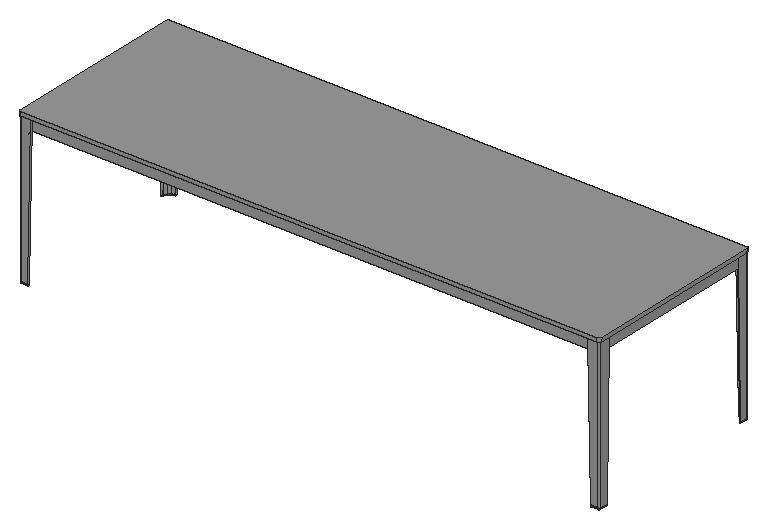
Revit family "Haworth_Cotone_CollaborativeTable_PRELIMINARY", category Furniture, Revit 2018
Family settings
  OmniClass Number = 23.40.70.14.64.21
  OmniClass Title = Systems Furniture
  Work Plane-Based = No
  Always vertical = Yes
  Cut with Voids When Loaded = No
  Shared = No
  Room Calculation Point = No
Parameters (values of type "110.2w x 35.4d")
  Width = if(Extra Small, 63.00", if(Small, 78.70", if(Medium, 94.50", if(Large, 110.20", 55.10"))))  # 110.20"
  Warranty = "http://www.haworth.com/resources/product-info/warranties"
  URL - Product = "https://www.haworth.com/na/en/products/collaborative-conference/cotone-tables.html"
  URL = "https://www.haworth.com/na/en/about/brands/haworth-collection.html"
  Top Finish [instance] = Haworth _ Laminate _ Undecided _ Tables
  Sustainability Info = "https://www.haworth.com/na/en/expertise/sustainability.html"
  Small = no
  Size = "Verify Final Dim. w/ Haworth"  # constant formula
  Revision Number = "1"  # constant formula
  Model = "Haworth - Cassina - Cotone"  # constant formula
  Single Frame = and(or(Small, Extra Large))  # no
  Medium = no
  Manufacturer = "Haworth"  # constant formula
  Large = not(or(Small, Extra Large, Medium, Extra Small))  # yes
  Double Frame = and(or(Medium, Large))  # yes
  Glide Finish = Haworth _ Polymer _ Black
  Frame Finish [instance] = Haworth _ Metal _ Polished Aluminum
  Extra Small = no
  Extra Large = no
  Description = "Haworth - Cassina - Cotone - Collaborative Table"  # constant formula
  Depth = if(Extra Small, 31.50", if(Small, 35.40", if(Medium, 35.40", if(Large, 35.40", 55.10"))))  # 35.40"
  Custom Size = not(and(or(Depth = 31.50", Depth = 35.40", Depth = 55.10"), or(Width = 55.10", Width = 63.00", Width = 78.70", Width = 94.50", Width = 110.20")))  # no
  Author = "Haworth (Abd Rahman)"  # constant formula
  Assembly Code = "E2020200"
  Actual Width = Width  # 110.20"
  Actual Height = 29.10"  # constant formula
  Actual Depth = Depth  # 35.40"
  94.5w x 35.4d = and(Actual Width = 94.50", Actual Depth = 35.40")  # no
  55.1w x 55.1d = and(Actual Width = 55.10", Actual Depth = 55.10")  # no
  78.7w x 35.4d = and(Actual Width = 78.70", Actual Depth = 35.40")  # no
  63w x 31.5d = and(Actual Width = 63.00", Actual Depth = 31.50")  # no
  110.2w x 35.4d = and(Actual Width = 110.20", Actual Depth = 35.40")  # yes
Types (5): name | Width | Small | Single Frame | Medium | Large | Double Frame | Extra Small | Extra Large | Depth | Actual Width | Actual Depth | 94.5w x 35.4d | 55.1w x 55.1d | 78.7w x 35.4d | 63w x 31.5d | 110.2w x 35.4d
  55.1w x 55.1d | 55.10" | no | yes | no | no | no | no | yes | 55.10" | 55.10" | 55.10" | no | yes | no | no | no
  78.7w x 35.4d | 78.70" | yes | yes | no | no | no | no | no | 35.40" | 78.70" | 35.40" | no | no | yes | no | no
  94.5w x 35.4d | 94.50" | no | no | yes | no | yes | no | no | 35.40" | 94.50" | 35.40" | yes | no | no | no | no
  110.2w x 35.4d | 110.20" | no | no | no | yes | yes | no | no | 35.40" | 110.20" | 35.40" | no | no | no | no | yes
  63w x 31.5d | 63.00" | no | no | no | no | no | yes | no | 31.50" | 63.00" | 31.50" | no | no | no | yes | no
Reference planes (in)
  plane 1: z = 0
  plane 2 "Center L/R": x = -6.11989
  plane 3 "Center F/B": y = -11.5
  plane 4 "Back": y = 6.2
  plane 5 "Front": y = -29.2
  plane 6 "Right": x = 48.98011
  plane 7 "Left": x = -61.21989
  plane 8: z = 29.1
  plane 9: z = 28.47008
  plane 10: z = 26.30473
  plane 11: z = 27.72205
  plane 12: y = 3.87653
  plane 13: y = -26.87653
  plane 14: x = -6.40117
  plane 15: x = -5.61377
  plane 16: x = -58.97643
  plane 17: x = 46.73664
  plane 18: y = -11.8937
  plane 19: y = -11.1063
  plane 20: y = 3.87653
  plane 21: y = -26.87653
  plane 22: x = -24.90117
  plane 23: x = -24.11377
  plane 24: y = 3.87653
  plane 25: y = -26.87653
  plane 26: x = 12.66139
  plane 27: x = 11.87399
Forms (in)
  Extrusion 1, solid, material "Haworth _ Laminate _ Undecided _ Tables" <- "Top Finish"
    sketch origin (0, 0, 0) x (1, 0, 0) y (0, 1, 0)
      loop
        arc (-60.71989, 6.2) -> (-61.07345, 6.05355) -> (-61.21989, 5.7) r 0.5
        line (-61.21989, 5.7) -> (-61.21989, -28.7)
        arc (-61.21989, -28.7) -> (-61.07345, -29.05355) -> (-60.71989, -29.2) r 0.5
        line (-60.71989, -29.2) -> (48.48011, -29.2)
        arc (48.48011, -29.2) -> (48.83366, -29.05355) -> (48.98011, -28.7) r 0.5
        line (48.98011, -28.7) -> (48.98011, 5.7)
        arc (48.98011, 5.7) -> (48.83366, 6.05355) -> (48.48011, 6.2) r 0.5
        line (48.48011, 6.2) -> (-60.71989, 6.2)
    from 28.47008 to 29.1
  Extrusion 2, solid, material "Haworth _ Metal _ Polished Aluminum" <- "Frame Finish", visible <- "Single Frame"
    sketch origin (0, 0, 0) x (1, 0, 0) y (0, 1, 0)
      loop
        line (-5.61377, -26.87653) -> (-5.61377, 3.87653) -> (-6.40117, 3.87653) -> (-6.40117, -26.87653) -> (-5.61377, -26.87653)
    from 26.30473 to 27.72205
  Extrusion 3, solid, material "Haworth _ Metal _ Polished Aluminum" <- "Frame Finish", visible <- "Single Frame"
    sketch origin (53.49253, -17.50747, 0) x (0, -1, 0) y (1, 0, 0)
      loop
        line (-5.61377, -112.46896) -> (-5.61377, -6.75588) -> (-6.40117, -6.75588) -> (-6.40117, -112.46896) -> (-5.61377, -112.46896)
    from 26.30473 to 27.72205
  Extrusion 4, solid, material "Haworth _ Metal _ Polished Aluminum" <- "Frame Finish", visible <- "Double Frame"
    sketch origin (-18.5, 0, 0) x (1, 0, 0) y (0, 1, 0)
      loop
        line (-5.61377, -26.87653) -> (-5.61377, 3.87653) -> (-6.40117, 3.87653) -> (-6.40117, -26.87653) -> (-5.61377, -26.87653)
    from 26.30473 to 27.72205
  Extrusion 5, solid, material "Haworth _ Metal _ Polished Aluminum" <- "Frame Finish", visible <- "Double Frame"
    sketch origin (6.26021, 0, 0) x (-1, 0, 0) y (0, -1, 0)
      loop
        line (-5.61377, 26.87653) -> (-6.40117, 26.87653) -> (-6.40117, -3.87653) -> (-5.61377, -3.87653) -> (-5.61377, 26.87653)
    from 26.30473 to 27.72205
Lines and regions (in)
  Masking region 1
    outline origin (0, 0, 0) x (1, 0, 0) y (0, 1, 0)
      loop
        arc (-60.71989, 6.2) -> (-61.07345, 6.05355) -> (-61.21989, 5.7) r 0.5
        line (-61.21989, 5.7) -> (-61.21989, -28.7)
        arc (-61.21989, -28.7) -> (-61.07345, -29.05355) -> (-60.71989, -29.2) r 0.5
        line (-60.71989, -29.2) -> (48.48011, -29.2)
        arc (48.48011, -29.2) -> (48.83366, -29.05355) -> (48.98011, -28.7) r 0.5
        line (48.98011, -28.7) -> (48.98011, 5.7)
        arc (48.98011, 5.7) -> (48.83366, 6.05355) -> (48.48011, 6.2) r 0.5
        line (48.48011, 6.2) -> (-60.71989, 6.2)
  symbolic lines, style "FurnitureHiddenLines", visible <- "Single Frame"
    curve 1: line (-5.61377, 3.87653, 0) -> (-6.40117, 3.87653, 0)
    curve 2: line (-5.61377, -26.87653, 0) -> (-5.61377, 3.87653, 0)
    curve 3: line (-6.40117, -26.87653, 0) -> (-5.61377, -26.87653, 0)
    curve 4: line (-6.40117, 3.87653, 0) -> (-6.40117, -26.87653, 0)
    curve 13: line (-58.97643, -11.1063, 0) -> (46.73664, -11.1063, 0)
    curve 14: line (-58.97643, -11.8937, 0) -> (-58.97643, -11.1063, 0)
    curve 15: line (46.73664, -11.8937, 0) -> (-58.97643, -11.8937, 0)
    curve 16: line (46.73664, -11.1063, 0) -> (46.73664, -11.8937, 0)
  symbolic lines, style "FurnitureHiddenLines", visible <- "Double Frame"
    curve 5: line (12.66139, 3.87653, 0) -> (11.87399, 3.87653, 0)
    curve 6: line (12.66139, -26.87653, 0) -> (12.66139, 3.87653, 0)
    curve 7: line (11.87399, -26.87653, 0) -> (12.66139, -26.87653, 0)
    curve 8: line (11.87399, 3.87653, 0) -> (11.87399, -26.87653, 0)
    curve 9: line (-24.11377, -26.87653, 0) -> (-24.90117, -26.87653, 0)
    curve 10: line (-24.11377, 3.87653, 0) -> (-24.11377, -26.87653, 0)
    curve 11: line (-24.90117, 3.87653, 0) -> (-24.11377, 3.87653, 0)
    curve 12: line (-24.90117, -26.87653, 0) -> (-24.90117, 3.87653, 0)
Dimensions and locks (in)
  equal spacing: plane 7 "Left", plane 2 "Center L/R", plane 6 "Right"
  "Actual Width": plane 7 "Left" to plane 6 "Right"
  equal spacing: plane 4 "Back", plane 3 "Center F/B", plane 5 "Front"
  "Actual Depth": plane 4 "Back" to plane 5 "Front"
  "Actual Height": plane 8 to level
  locked: plane 12 to plane 4 "Back" at 2.32347
  locked: plane 5 "Front" to plane 13 at 2.32347
  plane 14 to plane 2 "Center L/R" to plane 15 = 0.28128" locked, 0.50612" locked
  plane 18 to plane 3 "Center F/B" to plane 19 = 0.3937" locked, 0.3937" locked
  locked: plane 7 "Left" to plane 16 at 2.24346
  locked: plane 17 to plane 6 "Right" at 2.24346
  locked: plane 20 to plane 4 "Back" at 2.32347
  locked: plane 5 "Front" to plane 21 at 2.32347
  plane 22 to plane 23 to plane 2 "Center L/R" = 0.7874" locked, 17.99388" locked
  locked: plane 5 "Front" to plane 25 at 2.32347
  locked: plane 24 to plane 4 "Back" at 2.32347
  plane 2 "Center L/R" to plane 27 to plane 26 = 17.99388" locked, 0.7874" locked
  aligned and locked: nested 1 to plane 3 "Center F/B"
  aligned and locked: plane 2 "Center L/R" to nested 1
  aligned and locked: Extrusion 1 sketch curve to plane 5 "Front"
  aligned and locked: Extrusion 1 sketch curve to plane 6 "Right"
  aligned and locked: Extrusion 1 sketch curve to plane 4 "Back"
  aligned and locked: plane 7 "Left" to Extrusion 1 sketch curve
  aligned and locked: Extrusion 1 to plane 8
  aligned and locked: Extrusion 1 to plane 9
  aligned and locked: Masking region 1 sketch curve to plane 6 "Right"
  aligned and locked: Masking region 1 sketch curve to plane 5 "Front"
  aligned and locked: plane 7 "Left" to Masking region 1 sketch curve
  aligned and locked: Masking region 1 sketch curve to plane 4 "Back"
  aligned and locked: nested 1 to plane 9
  aligned and locked: Extrusion 3 to plane 10
  aligned and locked: plane 10 to Extrusion 2
  aligned and locked: plane 11 to Extrusion 2
  aligned and locked: Extrusion 3 to plane 11
  aligned and locked: plane 12 to Extrusion 2 sketch curve
  aligned and locked: Extrusion 2 sketch curve to plane 13
  aligned and locked: plane 14 to Extrusion 2 sketch curve
  aligned and locked: Extrusion 2 sketch curve to plane 15
  aligned and locked: Extrusion 3 sketch curve to plane 18
  aligned and locked: Extrusion 3 sketch curve to plane 19
  aligned and locked: plane 16 to Extrusion 3 sketch curve
  aligned and locked: Extrusion 3 sketch curve to plane 17
  aligned and locked: plane 20 to Extrusion 4 sketch curve
  aligned and locked: Extrusion 4 sketch curve to plane 21
  aligned and locked: plane 22 to Extrusion 4 sketch curve
  aligned and locked: Extrusion 4 sketch curve to plane 23
  aligned and locked: Extrusion 5 sketch curve to plane 24
  aligned and locked: Extrusion 5 sketch curve to plane 25
  aligned and locked: Extrusion 5 sketch curve to plane 26
  aligned and locked: Extrusion 5 sketch curve to plane 27
  aligned and locked: curve 12 to Extrusion 4
  aligned and locked: curve 10 to Extrusion 4
  aligned and locked: curve 9 to Extrusion 4
  aligned and locked: curve 11 to Extrusion 4
  aligned and locked: Extrusion 2 to curve 2
  aligned and locked: curve 4 to Extrusion 2
  aligned and locked: curve 3 to Extrusion 2
  aligned and locked: curve 1 to Extrusion 2
  aligned and locked: curve 8 to Extrusion 5
  aligned and locked: Extrusion 5 to curve 6
  aligned and locked: curve 7 to Extrusion 5
  aligned and locked: curve 5 to Extrusion 5
  aligned and locked: curve 13 to Extrusion 3
  aligned and locked: curve 14 to Extrusion 3
  aligned and locked: curve 15 to Extrusion 3
  aligned and locked: curve 16 to Extrusion 3
Automatic sketch dimensions
  plane 7 "Left" to Extrusion 1 sketch curve = 0.50"
  Extrusion 1 sketch curve to Extrusion 1 sketch curve = 0.50"
  Extrusion 1 sketch curve to plane 6 "Right" = 0.50"  (x2)
  plane 7 "Left" to Masking region 1 sketch curve = 0.50"
  Masking region 1 sketch curve to Masking region 1 sketch curve = 0.50"  (x2)
  Masking region 1 sketch curve to plane 4 "Back" = 0.50"
Nested families (in)
  nested 1: "Haworth_Cotone_Table_Collaborative_Leg-PART" at (0, 0, 0), Base Finish <- "Frame Finish", type "Leg - PART"
    with Base Finish Haworth _ Metal _ Polished Aluminum, Actual Width 110.20", Actual Depth 35.40"
Definition of nested family "Haworth_Cotone_Table_Collaborative_Leg-PART"
  Parameters (values of type "Leg - PART")
    Warranty = "http://www.haworth.com/resources/product-info/warranties"
    URL - Product = "https://www.haworth.com/na/en/products/collaborative-conference/cotone-tables.html"
    URL = "https://www.haworth.com/na/en/about/brands/haworth-collection.html"
    Sustainability Info = "https://www.haworth.com/na/en/expertise/sustainability.html"
    Size = "Verify Final Dim. w/ Haworth"  # constant formula
    Revision Number = "1"  # constant formula
    Model = "Haworth - Cassina - Cotone"  # constant formula
    Manufacturer = "Haworth"  # constant formula
    Glide Finish = none
    Description = "Haworth - Cassina - Cotone - Collaborative Leg - PART"  # constant formula
    Base Finish [instance] = none
    Author = "Haworth (Abd Rahman)"  # constant formula
    Assembly Code = "E2020200"
    Actual Width = 63.00"
    Actual Height = 29.10"  # constant formula
    Actual Depth = 31.50"
  Reference planes (in)
    plane 1: z = 0
    plane 2 "Center L/R": x = -6.11989
    plane 3 "Center F/B": y = -11.5
    plane 4 "Back": y = 4.25
    plane 5 "Front": y = -27.25
    plane 6 "Right": x = 25.38011
    plane 7 "Left": x = -37.61989
    plane 8: z = 29.1
    plane 9: z = 0.20661
    plane 10: z = 28.47008
    plane 11: z = 27.72205
    plane 12: z = 26.30473
    plane 13: z = 27.87953
    plane 14: z = 25.7145
    plane 15: x = -37.26619
    plane 16: x = -35.49454
    plane 17: x = -35.37643
    plane 18: y = 3.8163
    plane 19: y = 2.04465
    plane 20: y = 1.92653
    plane 21: x = 25.02641
    plane 22: x = 23.25475
    plane 23: x = 23.13664
    plane 24: y = -26.8163
    plane 25: y = -25.04465
    plane 26: y = -24.92653
    plane 27: x = -35.37643
    plane 28: x = -34.58903
    plane 29: y = 1.13913
    plane 30: y = 1.92653
    plane 31: x = 23.13664
    plane 32: x = 22.34924
    plane 33: y = -24.13913
    plane 34: y = -24.92653
    plane 35: x = 23.60536
    plane 36: y = -25.51463
    plane 37: y = -27.15157
    plane 38: y = -26.93575
    plane 39: x = 25.02641
    plane 40: x = 25.26263
    plane 41: x = 23.09728
    plane 42: y = -26.93575
    plane 43: y = -27.15157
    plane 44: y = -25.00662
    plane 45: x = 25.02641
    plane 46: x = 25.26263
    plane 47: x = 23.71099
    plane 48: x = 24.75046
    plane 49: x = 25.02641
    plane 50: y = -25.62025
    plane 51: y = -26.66109
    plane 52: y = -26.93575
    plane 53: x = 23.25475
    plane 54: y = -26.93575
    plane 55: y = -26.66109
    plane 56: y = -25.04465
    plane 57: x = 25.02641
    plane 58: x = 24.75046
    plane 59: x = 23.60536
    plane 60: y = -26.93575
    plane 61: y = -27.15157
    plane 62: y = -25.51463
    plane 63: x = 25.26263
    plane 64: x = 25.02641
    plane 65: x = -35.84515
    plane 66: y = -25.51463
    plane 67: y = -27.15157
    plane 68: y = -26.93575
    plane 69: x = -37.26619
    plane 70: x = -37.50242
    plane 71: x = -35.33706
    plane 72: y = -26.93575
    plane 73: y = -27.15157
    plane 74: y = -25.00662
    plane 75: x = -37.26619
    plane 76: x = -37.50242
    plane 77: x = -35.95077
    plane 78: x = -36.99024
    plane 79: x = -37.26619
    plane 80: y = -25.62025
    plane 81: y = -26.66109
    plane 82: y = -26.93575
    plane 83: x = -35.49454
    plane 84: y = -26.93575
    plane 85: y = -26.66109
    plane 86: y = -25.04465
    plane 87: x = -37.26619
    plane 88: x = -36.99024
    plane 89: x = -35.84515
    plane 90: y = -26.93575
    plane 91: y = -27.15157
    plane 92: y = -25.51463
    plane 93: x = -37.50242
    plane 94: x = -37.26619
    plane 95: x = 23.60536
    plane 96: y = 2.51463
    plane 97: y = 4.15157
    plane 98: y = 3.93575
    plane 99: x = 25.02641
    plane 100: x = 25.26263
    plane 101: x = 23.09728
    plane 102: y = 3.93575
    plane 103: y = 4.15157
    plane 104: y = 2.00662
    plane 105: x = 25.02641
    plane 106: x = 25.26263
    plane 107: x = 23.71099
    plane 108: x = 24.75046
    plane 109: x = 25.02641
    plane 110: y = 2.62025
    plane 111: y = 3.66109
    plane 112: y = 3.93575
    plane 113: x = 23.25475
    plane 114: y = 3.93575
    plane 115: y = 3.66109
    plane 116: y = 2.04465
    plane 117: x = 25.02641
    plane 118: x = 24.75046
    plane 119: x = 23.60536
    plane 120: y = 3.93575
    plane 121: y = 4.15157
    plane 122: y = 2.51463
    plane 123: x = 25.26263
    plane 124: x = 25.02641
    plane 125: x = -35.84515
    plane 126: y = 2.51463
    plane 127: y = 4.15157
    plane 128: y = 3.93575
    plane 129: x = -37.26619
    plane 130: x = -37.50242
    plane 131: x = -35.33706
    plane 132: y = 3.93575
    plane 133: y = 4.15157
    plane 134: y = 2.00662
    plane 135: x = -37.26619
    plane 136: x = -37.50242
    plane 137: x = -35.95077
    plane 138: x = -36.99024
    plane 139: x = -37.26619
    plane 140: y = 2.62025
    plane 141: y = 3.66109
    plane 142: y = 3.93575
    plane 143: x = -35.49454
    plane 144: y = 3.93575
    plane 145: y = 3.66109
    plane 146: y = 2.04465
    plane 147: x = -37.26619
    plane 148: x = -36.99024
    plane 149: x = -35.84515
    plane 150: y = 3.93575
    plane 151: y = 4.15157
    plane 152: y = 2.51463
    plane 153: x = -37.50242
    plane 154: x = -37.26619
  Forms (in)
    Blend 1, solid, material <- "Base Finish"
      base sketch origin (-12.19915, 0, 0) x (-1, 0, 0) y (0, -1, 0)
        loop
          line (-35.80451, 27.15157) -> (-37.05576, 27.15157)
          arc (-37.05576, 27.15157) -> (-37.34286, 27.03265) -> (-37.46178, 26.74555) r 0.40602
          line (-37.46178, 26.74555) -> (-37.46178, 25.51463) -> (-37.22556, 25.51463) -> (-37.22556, 25.68084)
          arc (-37.22556, 25.68084) -> (-37.15926, 26.01414) -> (-36.97046, 26.29669) r 0.87095
          line (-36.97046, 26.29669) -> (-36.58212, 26.68503)
          arc (-36.58212, 26.68503) -> (-36.30441, 26.87059) -> (-35.97682, 26.93575) r 0.85602
          line (-35.97682, 26.93575) -> (-35.80451, 26.93575) -> (-35.80451, 27.15157)
      top sketch origin (-12.19915, 0, 0) x (-1, 0, 0) y (0, -1, 0)
        loop
          line (-35.29642, 27.15157) -> (-37.05576, 27.15157)
          arc (-37.05576, 27.15157) -> (-37.34286, 27.03265) -> (-37.46178, 26.74555) r 0.40602
          line (-37.46178, 26.74555) -> (-37.46178, 25.00662) -> (-37.22556, 25.00662) -> (-37.22556, 25.68084)
          arc (-37.22556, 25.68084) -> (-37.15926, 26.01414) -> (-36.97046, 26.29669) r 0.87095
          line (-36.97046, 26.29669) -> (-36.58212, 26.68503)
          arc (-36.58212, 26.68503) -> (-36.30441, 26.87059) -> (-35.97682, 26.93575) r 0.85602
          line (-35.97682, 26.93575) -> (-35.29642, 26.93575) -> (-35.29642, 27.15157)
      from 0.20661 to 28.47008
    Extrusion 2, solid, material <- "Glide Finish"
      sketch origin (-12.19915, 0, 0) x (-1, 0, 0) y (0, -1, 0)
        loop
          arc (-37.05576, 27.15157) -> (-37.34286, 27.03265) -> (-37.46178, 26.74555) r 0.40602
          line (-37.46178, 26.74555) -> (-37.46178, 25.51463) -> (-37.22556, 25.51463) -> (-37.22556, 25.68084)
          arc (-37.22556, 25.68084) -> (-37.15926, 26.01414) -> (-36.97046, 26.29669) r 0.87095
          line (-36.97046, 26.29669) -> (-36.58212, 26.68503)
          arc (-36.58212, 26.68503) -> (-36.30441, 26.87059) -> (-35.97682, 26.93575) r 0.85602
          line (-35.97682, 26.93575) -> (-35.80451, 26.93575) -> (-35.80451, 27.15157) -> (-37.05576, 27.15157)
      from 0 to 0.20661
    Blend 3, solid, material <- "Base Finish"
      base sketch origin (-12.19915, 0, 0) x (-1, 0, 0) y (0, -1, 0)
        loop
          line (-36.94961, 25.93389) -> (-36.22244, 26.66109) -> (-35.91014, 26.66109) -> (-35.91014, 26.93575) -> (-35.98927, 26.93575)
          arc (-35.98927, 26.93575) -> (-36.30536, 26.87288) -> (-36.57332, 26.69383) r 0.82596
          line (-36.57332, 26.69383) -> (-36.98286, 26.2843)
          arc (-36.98286, 26.2843) -> (-37.16248, 26.01547) -> (-37.22556, 25.69837) r 0.82863
          line (-37.22556, 25.69837) -> (-37.22556, 25.62025) -> (-36.94961, 25.62025) -> (-36.94961, 25.93389)
      top sketch origin (-12.19915, 0, 0) x (-1, 0, 0) y (0, -1, 0)
        loop
          line (-36.94961, 25.93389) -> (-36.22244, 26.66109) -> (-35.4539, 26.66109) -> (-35.4539, 26.93575) -> (-35.97682, 26.93575)
          arc (-35.97682, 26.93575) -> (-36.30441, 26.87059) -> (-36.58212, 26.68503) r 0.85602
          line (-36.58212, 26.68503) -> (-36.97046, 26.29669)
          arc (-36.97046, 26.29669) -> (-37.15926, 26.01414) -> (-37.22556, 25.68084) r 0.87095
          line (-37.22556, 25.68084) -> (-37.22556, 25.04465) -> (-36.94961, 25.04465) -> (-36.94961, 25.93389)
      from 25.7145 to 26.30473
    Extrusion 4, solid, material <- "Base Finish"
      sketch origin (0, 0, 0) x (1, 0, 0) y (0, 1, 0)
        loop
          line (23.13664, -24.92653) -> (23.13664, 1.92653) -> (-35.37643, 1.92653) -> (-35.37643, -24.92653) -> (23.13664, -24.92653)
        loop
          line (-35.49454, -26.8163) -> (23.25475, -26.8163) -> (23.25475, -25.04465) -> (25.02641, -25.04465) -> (25.02641, 2.04465) -> (23.25475, 2.04465) -> (23.25475, 3.8163) -> (-35.49454, 3.8163) -> (-35.49454, 2.04465) -> (-37.26619, 2.04465) -> (-37.26619, -25.04465) -> (-35.49454, -25.04465) -> (-35.49454, -26.8163)
      from 26.30473 to 28.47008
    Extrusion 5, solid, material <- "Base Finish"
      sketch origin (0, 0, 0) x (1, 0, 0) y (0, 1, 0)
        loop
          line (22.34924, -24.13913) -> (22.34924, 1.13913) -> (-34.58903, 1.13913) -> (-34.58903, -24.13913) -> (22.34924, -24.13913)
        loop
          line (23.13664, -24.92653) -> (23.13664, 1.92653) -> (-35.37643, 1.92653) -> (-35.37643, -24.92653) -> (23.13664, -24.92653)
      from 27.72205 to 27.87953
    Blend 6, solid, material <- "Base Finish"
      base sketch origin (-0.04064, 0, 0) x (1, 0, 0) y (0, 1, 0)
        loop
          line (-35.80451, -27.15157) -> (-35.80451, -26.93575) -> (-35.97682, -26.93575)
          arc (-35.97682, -26.93575) -> (-36.30441, -26.87059) -> (-36.58212, -26.68503) r 0.85602
          line (-36.58212, -26.68503) -> (-36.97046, -26.29669)
          arc (-36.97046, -26.29669) -> (-37.15926, -26.01414) -> (-37.22556, -25.68084) r 0.87095
          line (-37.22556, -25.68084) -> (-37.22556, -25.51463) -> (-37.46178, -25.51463) -> (-37.46178, -26.74555)
          arc (-37.46178, -26.74555) -> (-37.34286, -27.03265) -> (-37.05576, -27.15157) r 0.40602
          line (-37.05576, -27.15157) -> (-35.80451, -27.15157)
      top sketch origin (-0.04064, 0, 0) x (1, 0, 0) y (0, 1, 0)
        loop
          line (-35.29642, -27.15157) -> (-35.29642, -26.93575) -> (-35.97682, -26.93575)
          arc (-35.97682, -26.93575) -> (-36.30441, -26.87059) -> (-36.58212, -26.68503) r 0.85602
          line (-36.58212, -26.68503) -> (-36.97046, -26.29669)
          arc (-36.97046, -26.29669) -> (-37.15926, -26.01414) -> (-37.22556, -25.68084) r 0.87095
          line (-37.22556, -25.68084) -> (-37.22556, -25.00662) -> (-37.46178, -25.00662) -> (-37.46178, -26.74555)
          arc (-37.46178, -26.74555) -> (-37.34286, -27.03265) -> (-37.05576, -27.15157) r 0.40602
          line (-37.05576, -27.15157) -> (-35.29642, -27.15157)
      from 0.20661 to 28.47008
    Extrusion 7, solid, material <- "Glide Finish"
      sketch origin (-0.04064, 0, 0) x (1, 0, 0) y (0, 1, 0)
        loop
          line (-37.05576, -27.15157) -> (-35.80451, -27.15157) -> (-35.80451, -26.93575) -> (-35.97682, -26.93575)
          arc (-35.97682, -26.93575) -> (-36.30441, -26.87059) -> (-36.58212, -26.68503) r 0.85602
          line (-36.58212, -26.68503) -> (-36.97046, -26.29669)
          arc (-36.97046, -26.29669) -> (-37.15926, -26.01414) -> (-37.22556, -25.68084) r 0.87095
          line (-37.22556, -25.68084) -> (-37.22556, -25.51463) -> (-37.46178, -25.51463) -> (-37.46178, -26.74555)
          arc (-37.46178, -26.74555) -> (-37.34286, -27.03265) -> (-37.05576, -27.15157) r 0.40602
      from 0 to 0.20661
    Blend 8, solid, material <- "Base Finish"
      base sketch origin (-0.04064, 0, 0) x (1, 0, 0) y (0, 1, 0)
        loop
          line (-36.94961, -25.93389) -> (-36.94961, -25.62025) -> (-37.22556, -25.62025) -> (-37.22556, -25.69837)
          arc (-37.22556, -25.69837) -> (-37.16248, -26.01547) -> (-36.98286, -26.2843) r 0.82863
          line (-36.98286, -26.2843) -> (-36.57332, -26.69383)
          arc (-36.57332, -26.69383) -> (-36.30536, -26.87288) -> (-35.98927, -26.93575) r 0.82596
          line (-35.98927, -26.93575) -> (-35.91014, -26.93575) -> (-35.91014, -26.66109) -> (-36.22244, -26.66109) -> (-36.94961, -25.93389)
      top sketch origin (-0.04064, 0, 0) x (1, 0, 0) y (0, 1, 0)
        loop
          line (-36.94961, -25.93389) -> (-36.94961, -25.04465) -> (-37.22556, -25.04465) -> (-37.22556, -25.68084)
          arc (-37.22556, -25.68084) -> (-37.15926, -26.01414) -> (-36.97046, -26.29669) r 0.87095
          line (-36.97046, -26.29669) -> (-36.58212, -26.68503)
          arc (-36.58212, -26.68503) -> (-36.30441, -26.87059) -> (-35.97682, -26.93575) r 0.85602
          line (-35.97682, -26.93575) -> (-35.4539, -26.93575) -> (-35.4539, -26.66109) -> (-36.22244, -26.66109) -> (-36.94961, -25.93389)
      from 25.7145 to 26.30473
    Blend 9, solid, material <- "Base Finish"
      base sketch origin (-12.19915, -23, 0) x (-1, 0, 0) y (0, -1, 0)
        loop
          line (-35.80451, -27.15157) -> (-35.80451, -26.93575) -> (-35.97682, -26.93575)
          arc (-35.97682, -26.93575) -> (-36.30441, -26.87059) -> (-36.58212, -26.68503) r 0.85602
          line (-36.58212, -26.68503) -> (-36.97046, -26.29669)
          arc (-36.97046, -26.29669) -> (-37.15926, -26.01414) -> (-37.22556, -25.68084) r 0.87095
          line (-37.22556, -25.68084) -> (-37.22556, -25.51463) -> (-37.46178, -25.51463) -> (-37.46178, -26.74555)
          arc (-37.46178, -26.74555) -> (-37.34286, -27.03265) -> (-37.05576, -27.15157) r 0.40602
          line (-37.05576, -27.15157) -> (-35.80451, -27.15157)
      top sketch origin (-12.19915, -23, 0) x (-1, 0, 0) y (0, -1, 0)
        loop
          line (-35.29642, -27.15157) -> (-35.29642, -26.93575) -> (-35.97682, -26.93575)
          arc (-35.97682, -26.93575) -> (-36.30441, -26.87059) -> (-36.58212, -26.68503) r 0.85602
          line (-36.58212, -26.68503) -> (-36.97046, -26.29669)
          arc (-36.97046, -26.29669) -> (-37.15926, -26.01414) -> (-37.22556, -25.68084) r 0.87095
          line (-37.22556, -25.68084) -> (-37.22556, -25.00662) -> (-37.46178, -25.00662) -> (-37.46178, -26.74555)
          arc (-37.46178, -26.74555) -> (-37.34286, -27.03265) -> (-37.05576, -27.15157) r 0.40602
          line (-37.05576, -27.15157) -> (-35.29642, -27.15157)
      from 0.20661 to 28.47008
    Extrusion 10, solid, material <- "Glide Finish"
      sketch origin (-12.19915, -23, 0) x (-1, 0, 0) y (0, -1, 0)
        loop
          line (-37.05576, -27.15157) -> (-35.80451, -27.15157) -> (-35.80451, -26.93575) -> (-35.97682, -26.93575)
          arc (-35.97682, -26.93575) -> (-36.30441, -26.87059) -> (-36.58212, -26.68503) r 0.85602
          line (-36.58212, -26.68503) -> (-36.97046, -26.29669)
          arc (-36.97046, -26.29669) -> (-37.15926, -26.01414) -> (-37.22556, -25.68084) r 0.87095
          line (-37.22556, -25.68084) -> (-37.22556, -25.51463) -> (-37.46178, -25.51463) -> (-37.46178, -26.74555)
          arc (-37.46178, -26.74555) -> (-37.34286, -27.03265) -> (-37.05576, -27.15157) r 0.40602
      from 0 to 0.20661
    Blend 11, solid, material <- "Base Finish"
      base sketch origin (-12.19915, -23, 0) x (-1, 0, 0) y (0, -1, 0)
        loop
          line (-36.94961, -25.93389) -> (-36.94961, -25.62025) -> (-37.22556, -25.62025) -> (-37.22556, -25.69837)
          arc (-37.22556, -25.69837) -> (-37.16248, -26.01547) -> (-36.98286, -26.2843) r 0.82863
          line (-36.98286, -26.2843) -> (-36.57332, -26.69383)
          arc (-36.57332, -26.69383) -> (-36.30536, -26.87288) -> (-35.98927, -26.93575) r 0.82596
          line (-35.98927, -26.93575) -> (-35.91014, -26.93575) -> (-35.91014, -26.66109) -> (-36.22244, -26.66109) -> (-36.94961, -25.93389)
      top sketch origin (-12.19915, -23, 0) x (-1, 0, 0) y (0, -1, 0)
        loop
          line (-36.94961, -25.93389) -> (-36.94961, -25.04465) -> (-37.22556, -25.04465) -> (-37.22556, -25.68084)
          arc (-37.22556, -25.68084) -> (-37.15926, -26.01414) -> (-36.97046, -26.29669) r 0.87095
          line (-36.97046, -26.29669) -> (-36.58212, -26.68503)
          arc (-36.58212, -26.68503) -> (-36.30441, -26.87059) -> (-35.97682, -26.93575) r 0.85602
          line (-35.97682, -26.93575) -> (-35.4539, -26.93575) -> (-35.4539, -26.66109) -> (-36.22244, -26.66109) -> (-36.94961, -25.93389)
      from 25.7145 to 26.30473
    Blend 12, solid, material <- "Base Finish"
      base sketch origin (-0.04064, -23, 0) x (1, 0, 0) y (0, 1, 0)
        loop
          line (-35.80451, 27.15157) -> (-37.05576, 27.15157)
          arc (-37.05576, 27.15157) -> (-37.34286, 27.03265) -> (-37.46178, 26.74555) r 0.40602
          line (-37.46178, 26.74555) -> (-37.46178, 25.51463) -> (-37.22556, 25.51463) -> (-37.22556, 25.68084)
          arc (-37.22556, 25.68084) -> (-37.15926, 26.01414) -> (-36.97046, 26.29669) r 0.87095
          line (-36.97046, 26.29669) -> (-36.58212, 26.68503)
          arc (-36.58212, 26.68503) -> (-36.30441, 26.87059) -> (-35.97682, 26.93575) r 0.85602
          line (-35.97682, 26.93575) -> (-35.80451, 26.93575) -> (-35.80451, 27.15157)
      top sketch origin (-0.04064, -23, 0) x (1, 0, 0) y (0, 1, 0)
        loop
          line (-35.29642, 27.15157) -> (-37.05576, 27.15157)
          arc (-37.05576, 27.15157) -> (-37.34286, 27.03265) -> (-37.46178, 26.74555) r 0.40602
          line (-37.46178, 26.74555) -> (-37.46178, 25.00662) -> (-37.22556, 25.00662) -> (-37.22556, 25.68084)
          arc (-37.22556, 25.68084) -> (-37.15926, 26.01414) -> (-36.97046, 26.29669) r 0.87095
          line (-36.97046, 26.29669) -> (-36.58212, 26.68503)
          arc (-36.58212, 26.68503) -> (-36.30441, 26.87059) -> (-35.97682, 26.93575) r 0.85602
          line (-35.97682, 26.93575) -> (-35.29642, 26.93575) -> (-35.29642, 27.15157)
      from 0.20661 to 28.47008
    Extrusion 13, solid, material <- "Glide Finish"
      sketch origin (-0.04064, -23, 0) x (1, 0, 0) y (0, 1, 0)
        loop
          arc (-37.05576, 27.15157) -> (-37.34286, 27.03265) -> (-37.46178, 26.74555) r 0.40602
          line (-37.46178, 26.74555) -> (-37.46178, 25.51463) -> (-37.22556, 25.51463) -> (-37.22556, 25.68084)
          arc (-37.22556, 25.68084) -> (-37.15926, 26.01414) -> (-36.97046, 26.29669) r 0.87095
          line (-36.97046, 26.29669) -> (-36.58212, 26.68503)
          arc (-36.58212, 26.68503) -> (-36.30441, 26.87059) -> (-35.97682, 26.93575) r 0.85602
          line (-35.97682, 26.93575) -> (-35.80451, 26.93575) -> (-35.80451, 27.15157) -> (-37.05576, 27.15157)
      from 0 to 0.20661
    Blend 14, solid, material <- "Base Finish"
      base sketch origin (-0.04064, -23, 0) x (1, 0, 0) y (0, 1, 0)
        loop
          line (-36.94961, 25.93389) -> (-36.22244, 26.66109) -> (-35.91014, 26.66109) -> (-35.91014, 26.93575) -> (-35.98927, 26.93575)
          arc (-35.98927, 26.93575) -> (-36.30536, 26.87288) -> (-36.57332, 26.69383) r 0.82596
          line (-36.57332, 26.69383) -> (-36.98286, 26.2843)
          arc (-36.98286, 26.2843) -> (-37.16248, 26.01547) -> (-37.22556, 25.69837) r 0.82863
          line (-37.22556, 25.69837) -> (-37.22556, 25.62025) -> (-36.94961, 25.62025) -> (-36.94961, 25.93389)
      top sketch origin (-0.04064, -23, 0) x (1, 0, 0) y (0, 1, 0)
        loop
          line (-36.94961, 25.93389) -> (-36.22244, 26.66109) -> (-35.4539, 26.66109) -> (-35.4539, 26.93575) -> (-35.97682, 26.93575)
          arc (-35.97682, 26.93575) -> (-36.30441, 26.87059) -> (-36.58212, 26.68503) r 0.85602
          line (-36.58212, 26.68503) -> (-36.97046, 26.29669)
          arc (-36.97046, 26.29669) -> (-37.15926, 26.01414) -> (-37.22556, 25.68084) r 0.87095
          line (-37.22556, 25.68084) -> (-37.22556, 25.04465) -> (-36.94961, 25.04465) -> (-36.94961, 25.93389)
      from 25.7145 to 26.30473
  Lines and regions (in)
    Masking region 1
      outline origin (0, 0, 0) x (1, 0, 0) y (0, 1, 0)
        loop
          line (-37.61989, 4.25) -> (-37.61989, -27.25) -> (25.38011, -27.25) -> (25.38011, 4.25) -> (-37.61989, 4.25)
        loop
          line (-34.58903, 1.13913) -> (-34.58903, -24.13913) -> (22.34924, -24.13913) -> (22.34924, 1.13913) -> (-34.58903, 1.13913)
  Dimensions and locks (in)
    equal spacing: plane 7 "Left", plane 2 "Center L/R", plane 6 "Right"
    "Actual Width": plane 7 "Left" to plane 6 "Right"
    equal spacing: plane 4 "Back", plane 3 "Center F/B", plane 5 "Front"
    "Actual Depth": plane 4 "Back" to plane 5 "Front"
    "Actual Height": plane 8 to level
    locked: plane 9 to level at 0.20661
    plane 8 to plane 10 to plane 13 to plane 11 to plane 12 to plane 14 = 0.62992" locked, 0.59055" locked, 0.15748" locked, 1.41732" locked, 0.59022" locked
    plane 7 "Left" to plane 15 to plane 16 to plane 17 = 0.3537" locked, 1.77165" locked, 0.11811" locked
    plane 20 to plane 19 to plane 18 to plane 4 "Back" = 0.11811" locked, 1.77165" locked, 0.4337" locked
    plane 32 to plane 31 to plane 6 "Right" = 0.7874" locked, 2.24346" locked
    plane 7 "Left" to plane 27 to plane 28 = 2.24346" locked, 0.7874" locked
    plane 29 to plane 30 to plane 4 "Back" = 0.7874" locked, 2.32347" locked
    plane 33 to plane 34 to plane 5 "Front" = 0.7874" locked, 2.32347" locked
    plane 35 to plane 39 to plane 40 to plane 6 "Right" = 1.42104" locked, 0.23622" locked, 0.11748" locked
    plane 36 to plane 38 to plane 37 to plane 5 "Front" = 1.42113" locked, 0.21582" locked, 0.09843" locked
    plane 44 to plane 42 to plane 43 to plane 5 "Front" = 1.92913" locked, 0.21582" locked, 0.09843" locked
    plane 41 to plane 45 to plane 46 to plane 6 "Right" = 1.92913" locked, 0.23622" locked, 0.11748" locked
    plane 50 to plane 51 to plane 52 to plane 5 "Front" = 1.04084" locked, 0.27466" locked, 0.31425" locked
    plane 47 to plane 48 to plane 49 to plane 6 "Right" = 1.03947" locked, 0.27595" locked, 0.3537" locked
    plane 56 to plane 55 to plane 54 to plane 5 "Front" = 1.61644" locked, 0.27466" locked, 0.31425" locked
    plane 53 to plane 58 to plane 57 to plane 6 "Right" = 1.4957" locked, 0.27595" locked, 0.3537" locked
    plane 62 to plane 60 to plane 61 to plane 5 "Front" = 1.42113" locked, 0.21582" locked, 0.09843" locked
    plane 59 to plane 64 to plane 63 to plane 6 "Right" = 1.42104" locked, 0.23622" locked, 0.11748" locked
    plane 23 to plane 22 to plane 21 to plane 6 "Right" = 0.11811" locked, 1.77165" locked, 0.3537" locked
    plane 66 to plane 68 to plane 67 to plane 5 "Front" = 1.42113" locked, 0.21582" locked, 0.09843" locked
    plane 7 "Left" to plane 70 to plane 69 to plane 65 = 0.11748" locked, 0.23622" locked, 1.42104" locked
    plane 74 to plane 72 to plane 73 to plane 5 "Front" = 1.92913" locked, 0.21582" locked, 0.09843" locked
    plane 7 "Left" to plane 76 to plane 75 to plane 71 = 0.11748" locked, 0.23622" locked, 1.92913" locked
    plane 92 to plane 90 to plane 91 to plane 5 "Front" = 1.42113" locked, 0.21582" locked, 0.09843" locked
    plane 7 "Left" to plane 93 to plane 94 to plane 89 = 0.11748" locked, 0.23622" locked, 1.42104" locked
    plane 80 to plane 81 to plane 82 to plane 5 "Front" = 1.04084" locked, 0.27466" locked, 0.31425" locked
    plane 7 "Left" to plane 79 to plane 78 to plane 77 = 0.3537" locked, 0.27595" locked, 1.03947" locked
    plane 86 to plane 85 to plane 84 to plane 5 "Front" = 1.61644" locked, 0.27466" locked, 0.31425" locked
    plane 7 "Left" to plane 87 to plane 88 to plane 83 = 0.3537" locked, 0.27595" locked, 1.4957" locked
    plane 7 "Left" to plane 139 to plane 138 to plane 137 = 0.3537" locked, 0.27595" locked, 1.03947" locked
    plane 140 to plane 141 to plane 142 to plane 4 "Back" = 1.04084" locked, 0.27466" locked, 0.31425" locked
    plane 7 "Left" to plane 147 to plane 148 to plane 143 = 0.3537" locked, 0.27595" locked, 1.4957" locked
    plane 146 to plane 145 to plane 144 to plane 4 "Back" = 1.61644" locked, 0.27466" locked, 0.31425" locked
    plane 7 "Left" to plane 130 to plane 129 to plane 125 = 0.11748" locked, 0.23622" locked, 1.42104" locked
    plane 126 to plane 128 to plane 127 to plane 4 "Back" = 1.42113" locked, 0.21582" locked, 0.09843" locked
    plane 7 "Left" to plane 136 to plane 135 to plane 131 = 0.11748" locked, 0.23622" locked, 1.92913" locked
    plane 134 to plane 132 to plane 133 to plane 4 "Back" = 1.92913" locked, 0.21582" locked, 0.09843" locked
    plane 7 "Left" to plane 153 to plane 154 to plane 149 = 0.11748" locked, 0.23622" locked, 1.42104" locked
    plane 152 to plane 150 to plane 151 to plane 4 "Back" = 1.42113" locked, 0.21582" locked, 0.09843" locked
    plane 110 to plane 111 to plane 112 to plane 4 "Back" = 1.04084" locked, 0.27466" locked, 0.31425" locked
    plane 107 to plane 108 to plane 109 to plane 6 "Right" = 1.03947" locked, 0.27595" locked, 0.3537" locked
    plane 116 to plane 115 to plane 114 to plane 4 "Back" = 1.61644" locked, 0.27466" locked, 0.31425" locked
    plane 113 to plane 118 to plane 117 to plane 6 "Right" = 1.4957" locked, 0.27595" locked, 0.3537" locked
    plane 96 to plane 98 to plane 97 to plane 4 "Back" = 1.42113" locked, 0.21582" locked, 0.09843" locked
    plane 95 to plane 99 to plane 100 to plane 6 "Right" = 1.42104" locked, 0.23622" locked, 0.11748" locked
    plane 104 to plane 102 to plane 103 to plane 4 "Back" = 1.92913" locked, 0.21582" locked, 0.09843" locked
    plane 101 to plane 105 to plane 106 to plane 6 "Right" = 1.92913" locked, 0.23622" locked, 0.11748" locked
    plane 122 to plane 120 to plane 121 to plane 4 "Back" = 1.42113" locked, 0.21582" locked, 0.09843" locked
    plane 119 to plane 124 to plane 123 to plane 6 "Right" = 1.42104" locked, 0.23622" locked, 0.11748" locked
    plane 26 to plane 25 to plane 24 to plane 5 "Front" = 0.11811" locked, 1.77165" locked, 0.4337" locked
    aligned and locked: Extrusion 2 to plane 9
    aligned and locked: Extrusion 2 to level
    aligned and locked: plane 9 to Blend 1
    aligned and locked: plane 12 to Blend 3
    aligned and locked: plane 14 to Blend 3
    aligned and locked: Blend 1 to plane 10
    aligned and locked: plane 15 to Extrusion 4 sketch curve
    aligned and locked: Extrusion 4 sketch curve to plane 16
    aligned and locked: Extrusion 4 sketch curve to plane 17
    aligned and locked: plane 18 to Extrusion 4 sketch curve
    aligned and locked: Extrusion 4 sketch curve to plane 19
    aligned and locked: Extrusion 4 sketch curve to plane 20
    aligned and locked: Extrusion 4 sketch curve to plane 21
    aligned and locked: plane 22 to Extrusion 4 sketch curve
    aligned and locked: plane 23 to Extrusion 4 sketch curve
    aligned and locked: Extrusion 4 sketch curve to plane 24
    aligned and locked: Extrusion 4 sketch curve to plane 25
    aligned and locked: plane 26 to Extrusion 4 sketch curve
    aligned and locked: plane 25 to Extrusion 4 sketch curve
    aligned and locked: Extrusion 4 sketch curve to plane 22
    aligned and locked: Extrusion 5 sketch curve to plane 27
    aligned and locked: Extrusion 5 sketch curve to plane 28
    aligned and locked: plane 30 to Extrusion 5 sketch curve
    aligned and locked: plane 29 to Extrusion 5 sketch curve
    aligned and locked: plane 33 to Extrusion 5 sketch curve
    aligned and locked: plane 34 to Extrusion 5 sketch curve
    aligned and locked: Extrusion 5 sketch curve to plane 31
    aligned and locked: Extrusion 5 sketch curve to plane 32
    aligned and locked: Extrusion 5 to plane 11
    aligned and locked: plane 13 to Extrusion 5
    aligned and locked: Extrusion 4 to plane 12
    aligned and locked: Extrusion 4 to plane 10
    aligned and locked: Blend 1 sketch curve to plane 35
    aligned and locked: plane 38 to Blend 1 sketch curve
    aligned and locked: Blend 1 sketch curve to plane 37
    aligned and locked: Blend 1 sketch curve to plane 39
    aligned and locked: plane 36 to Blend 1 sketch curve
    aligned and locked: Blend 1 sketch curve to plane 40
    aligned and locked: plane 44 to Blend 1 sketch curve
    aligned and locked: Blend 1 sketch curve to plane 45
    aligned and locked: Blend 1 sketch curve to plane 46
    aligned and locked: Blend 1 sketch curve to plane 41
    aligned and locked: Blend 1 sketch curve to plane 43
    aligned and locked: plane 42 to Blend 1 sketch curve
    aligned and locked: Blend 3 sketch curve to plane 49
    aligned and locked: Blend 3 sketch curve to plane 48
    aligned and locked: plane 50 to Blend 3 sketch curve
    aligned and locked: plane 51 to Blend 3 sketch curve
    aligned and locked: Blend 3 sketch curve to plane 52
    aligned and locked: plane 47 to Blend 3 sketch curve
    aligned and locked: plane 53 to Blend 3 sketch curve
    aligned and locked: plane 54 to Blend 3 sketch curve
    aligned and locked: plane 55 to Blend 3 sketch curve
    aligned and locked: plane 56 to Blend 3 sketch curve
    aligned and locked: Blend 3 sketch curve to plane 57
    aligned and locked: Blend 3 sketch curve to plane 58
    aligned and locked: Extrusion 2 sketch curve to plane 62
    aligned and locked: plane 60 to Extrusion 2 sketch curve
    aligned and locked: plane 61 to Extrusion 2 sketch curve
    aligned and locked: Extrusion 2 sketch curve to plane 59
    aligned and locked: Extrusion 2 sketch curve to plane 64
    aligned and locked: plane 63 to Extrusion 2 sketch curve
    aligned and locked: Blend 6 sketch curve to plane 65
    aligned and locked: Blend 6 sketch curve to plane 68
    aligned and locked: plane 67 to Blend 6 sketch curve
    aligned and locked: plane 69 to Blend 6 sketch curve
    aligned and locked: Blend 6 sketch curve to plane 66
    aligned and locked: plane 70 to Blend 6 sketch curve
    aligned and locked: Blend 6 sketch curve to plane 74
    aligned and locked: plane 75 to Blend 6 sketch curve
    aligned and locked: plane 76 to Blend 6 sketch curve
    aligned and locked: plane 71 to Blend 6 sketch curve
    aligned and locked: plane 73 to Blend 6 sketch curve
    aligned and locked: Blend 6 sketch curve to plane 72
    aligned and locked: plane 79 to Blend 8 sketch curve
    aligned and locked: plane 78 to Blend 8 sketch curve
    aligned and locked: Blend 8 sketch curve to plane 80
    aligned and locked: Blend 8 sketch curve to plane 81
    aligned and locked: plane 82 to Blend 8 sketch curve
    aligned and locked: Blend 8 sketch curve to plane 77
    aligned and locked: Blend 8 sketch curve to plane 83
    aligned and locked: Blend 8 sketch curve to plane 84
    aligned and locked: Blend 8 sketch curve to plane 85
    aligned and locked: Blend 8 sketch curve to plane 86
    aligned and locked: plane 87 to Blend 8 sketch curve
    aligned and locked: plane 88 to Blend 8 sketch curve
    aligned and locked: Extrusion 7 sketch curve to plane 92
    aligned and locked: Extrusion 7 sketch curve to plane 90
    aligned and locked: Extrusion 7 sketch curve to plane 91
    aligned and locked: Extrusion 7 sketch curve to plane 89
    aligned and locked: plane 94 to Extrusion 7 sketch curve
    aligned and locked: Extrusion 7 sketch curve to plane 93
    aligned and locked: Blend 9 sketch curve to plane 95
    aligned and locked: Blend 9 sketch curve to plane 98
    aligned and locked: plane 97 to Blend 9 sketch curve
    aligned and locked: plane 99 to Blend 9 sketch curve
    aligned and locked: Blend 9 sketch curve to plane 96
    aligned and locked: plane 100 to Blend 9 sketch curve
    aligned and locked: Blend 9 sketch curve to plane 104
    aligned and locked: plane 105 to Blend 9 sketch curve
    aligned and locked: plane 106 to Blend 9 sketch curve
    aligned and locked: plane 101 to Blend 9 sketch curve
    aligned and locked: plane 103 to Blend 9 sketch curve
    aligned and locked: Blend 9 sketch curve to plane 102
    aligned and locked: plane 109 to Blend 11 sketch curve
    aligned and locked: plane 108 to Blend 11 sketch curve
    aligned and locked: Blend 11 sketch curve to plane 110
    aligned and locked: Blend 11 sketch curve to plane 111
    aligned and locked: plane 112 to Blend 11 sketch curve
    aligned and locked: Blend 11 sketch curve to plane 107
    aligned and locked: Blend 11 sketch curve to plane 113
    aligned and locked: Blend 11 sketch curve to plane 114
    aligned and locked: Blend 11 sketch curve to plane 115
    aligned and locked: Blend 11 sketch curve to plane 116
    aligned and locked: plane 117 to Blend 11 sketch curve
    aligned and locked: plane 118 to Blend 11 sketch curve
    aligned and locked: Extrusion 10 sketch curve to plane 122
    aligned and locked: Extrusion 10 sketch curve to plane 120
    aligned and locked: Extrusion 10 sketch curve to plane 121
    aligned and locked: Extrusion 10 sketch curve to plane 119
    aligned and locked: plane 124 to Extrusion 10 sketch curve
    aligned and locked: Extrusion 10 sketch curve to plane 123
    aligned and locked: Blend 12 sketch curve to plane 125
    aligned and locked: plane 128 to Blend 12 sketch curve
    aligned and locked: Blend 12 sketch curve to plane 127
    aligned and locked: Blend 12 sketch curve to plane 129
    aligned and locked: plane 126 to Blend 12 sketch curve
    aligned and locked: Blend 12 sketch curve to plane 130
    aligned and locked: plane 134 to Blend 12 sketch curve
    aligned and locked: Blend 12 sketch curve to plane 135
    aligned and locked: Blend 12 sketch curve to plane 136
    aligned and locked: Blend 12 sketch curve to plane 131
    aligned and locked: Blend 12 sketch curve to plane 133
    aligned and locked: plane 132 to Blend 12 sketch curve
    aligned and locked: Blend 14 sketch curve to plane 139
    aligned and locked: Blend 14 sketch curve to plane 138
    aligned and locked: plane 140 to Blend 14 sketch curve
    aligned and locked: plane 141 to Blend 14 sketch curve
    aligned and locked: Blend 14 sketch curve to plane 142
    aligned and locked: plane 137 to Blend 14 sketch curve
    aligned and locked: plane 143 to Blend 14 sketch curve
    aligned and locked: plane 144 to Blend 14 sketch curve
    aligned and locked: plane 145 to Blend 14 sketch curve
    aligned and locked: plane 146 to Blend 14 sketch curve
    aligned and locked: Blend 14 sketch curve to plane 147
    aligned and locked: Blend 14 sketch curve to plane 148
    aligned and locked: Extrusion 13 sketch curve to plane 152
    aligned and locked: plane 150 to Extrusion 13 sketch curve
    aligned and locked: plane 151 to Extrusion 13 sketch curve
    aligned and locked: Extrusion 13 sketch curve to plane 149
    aligned and locked: Extrusion 13 sketch curve to plane 154
    aligned and locked: plane 153 to Extrusion 13 sketch curve
    aligned and locked: Masking region 1 sketch curve to plane 6 "Right"
    aligned and locked: Masking region 1 sketch curve to plane 4 "Back"
    aligned and locked: Masking region 1 sketch curve to plane 7 "Left"
    aligned and locked: Masking region 1 sketch curve to plane 5 "Front"
    aligned and locked: Extrusion 5 to Masking region 1 sketch curve
    aligned and locked: Masking region 1 sketch curve to Extrusion 5  (x3)
  Automatic sketch dimensions
    Blend 1 sketch curve to Blend 1 sketch curve = 0.40602"  (x2)
    Extrusion 2 sketch curve to Extrusion 2 sketch curve = 0.0853"
    Extrusion 2 sketch curve to Extrusion 2 sketch curve = 0.37778"
    Extrusion 2 sketch curve to Extrusion 2 sketch curve = 0.17231"
    Extrusion 2 sketch curve to Extrusion 2 sketch curve = 0.16621"
    Blend 1 sketch curve to Blend 1 sketch curve = 0.47363"  (x2)
    Blend 1 sketch curve to Blend 1 sketch curve = 0.0853"  (x2)
    Blend 1 sketch curve to Blend 1 sketch curve = 0.44885"  (x2)
    Blend 1 sketch curve to Blend 1 sketch curve = 0.37778"
    Blend 1 sketch curve to Blend 1 sketch curve = 0.39889"
    Blend 1 sketch curve to Blend 1 sketch curve = 0.67422"
    Blend 3 sketch curve to Blend 3 sketch curve = 0.72717"
    Blend 3 sketch curve to Blend 3 sketch curve = 0.35968"
    Blend 3 sketch curve to Blend 3 sketch curve = 0.52292"
    Blend 3 sketch curve to Blend 3 sketch curve = 0.02394"
    Blend 3 sketch curve to Blend 3 sketch curve = 0.02085"
    Blend 3 sketch curve to Blend 3 sketch curve = 0.3628"
    Blend 3 sketch curve to Blend 3 sketch curve = 0.37778"
    Blend 3 sketch curve to Blend 3 sketch curve = 0.39889"
    Blend 3 sketch curve to Blend 3 sketch curve = 0.2427"
    Blend 3 sketch curve to Blend 3 sketch curve = 0.35088"
    Blend 3 sketch curve to Blend 3 sketch curve = 0.23317"
    Blend 3 sketch curve to Blend 3 sketch curve = 0.07914"
    Blend 3 sketch curve to Blend 3 sketch curve = 0.03275"
    Blend 3 sketch curve to Blend 3 sketch curve = 0.35041"
    Blend 3 sketch curve to Blend 3 sketch curve = 0.07812"
    Blend 3 sketch curve to Blend 3 sketch curve = 0.40954"
    Extrusion 4 sketch curve to plane 16 = 0.00"
    plane 19 to Extrusion 4 sketch curve = 0.00"
    Blend 1 sketch curve to Blend 1 sketch curve = 0.17231"
    Blend 1 sketch curve to Blend 1 sketch curve = 0.06052"
    Blend 1 sketch curve to Blend 1 sketch curve = 0.16621"
    Extrusion 2 sketch curve to Extrusion 2 sketch curve = 0.47363"
    Extrusion 2 sketch curve to Extrusion 2 sketch curve = 0.06052"
    Extrusion 2 sketch curve to Extrusion 2 sketch curve = 0.44885"
    Blend 6 sketch curve to plane 69 = 0.1698"
    Blend 6 sketch curve to plane 69 = 0.2551"
    Blend 6 sketch curve to Blend 6 sketch curve = 0.47363"  (x2)
    Blend 6 sketch curve to plane 66 = 0.16621"
    plane 65 to Blend 6 sketch curve = 0.55009"
    Blend 6 sketch curve to Blend 6 sketch curve = 0.17231"
    Blend 6 sketch curve to Blend 6 sketch curve = 0.06052"  (x2)
    Blend 6 sketch curve to plane 75 = 0.1698"
    Blend 6 sketch curve to plane 75 = 0.2551"
    Blend 6 sketch curve to plane 75 = 0.87095"
    Blend 6 sketch curve to Blend 6 sketch curve = 0.37778"
    Blend 6 sketch curve to Blend 6 sketch curve = 0.44885"
    Extrusion 7 sketch curve to plane 94 = 0.1698"
    Extrusion 7 sketch curve to plane 94 = 0.2551"
    plane 90 to Extrusion 7 sketch curve = 0.25072"
    Extrusion 7 sketch curve to Extrusion 7 sketch curve = 0.47363"
    Extrusion 7 sketch curve to plane 92 = 0.16621"
    plane 89 to Extrusion 7 sketch curve = 0.55009"
    plane 89 to Extrusion 7 sketch curve = 0.17231"
    plane 78 to Blend 8 sketch curve = 0.03325"
    Blend 8 sketch curve to plane 81 = 0.03275"
    Blend 8 sketch curve to plane 78 = 0.37629"
    Blend 8 sketch curve to plane 80 = 0.07812"
    plane 77 to Blend 8 sketch curve = 0.48679"
    plane 77 to Blend 8 sketch curve = 0.3123"
    plane 77 to Blend 8 sketch curve = 0.07914"
    Blend 8 sketch curve to plane 80 = 0.31364"
    plane 88 to Blend 8 sketch curve = 0.02085"
    Blend 8 sketch curve to plane 85 = 0.02394"
    Blend 8 sketch curve to plane 88 = 0.36748"
    Blend 8 sketch curve to plane 88 = 0.595"
    Blend 8 sketch curve to Blend 8 sketch curve = 0.35968"
    Blend 8 sketch curve to Blend 8 sketch curve = 0.24562"
    plane 85 to Blend 8 sketch curve = 0.3644"
    Blend 8 sketch curve to Blend 8 sketch curve = 0.3628"
    Blend 9 sketch curve to plane 99 = 0.1698"
    Blend 9 sketch curve to plane 99 = 0.2551"
    Blend 9 sketch curve to Blend 9 sketch curve = 0.47363"  (x2)
    Blend 9 sketch curve to plane 96 = 0.16621"
    plane 95 to Blend 9 sketch curve = 0.55009"
    Blend 9 sketch curve to Blend 9 sketch curve = 0.17231"
    Blend 9 sketch curve to Blend 9 sketch curve = 0.06052"  (x2)
    Blend 9 sketch curve to plane 105 = 0.1698"
    Blend 9 sketch curve to plane 105 = 0.2551"
    Blend 9 sketch curve to plane 105 = 0.87095"
    Blend 9 sketch curve to Blend 9 sketch curve = 0.37778"
    Blend 9 sketch curve to Blend 9 sketch curve = 0.44885"
    Extrusion 10 sketch curve to plane 124 = 0.1698"
    Extrusion 10 sketch curve to plane 124 = 0.2551"
    plane 120 to Extrusion 10 sketch curve = 0.25072"
    Extrusion 10 sketch curve to Extrusion 10 sketch curve = 0.47363"
    Extrusion 10 sketch curve to plane 122 = 0.16621"
    plane 119 to Extrusion 10 sketch curve = 0.55009"
    plane 119 to Extrusion 10 sketch curve = 0.17231"
    plane 108 to Blend 11 sketch curve = 0.03325"
    Blend 11 sketch curve to plane 111 = 0.03275"
    Blend 11 sketch curve to plane 108 = 0.37629"
    Blend 11 sketch curve to plane 110 = 0.07812"
    plane 107 to Blend 11 sketch curve = 0.48679"
    Blend 11 sketch curve to Blend 11 sketch curve = 0.3123"
    plane 107 to Blend 11 sketch curve = 0.07914"
    Blend 11 sketch curve to plane 110 = 0.31364"
    plane 118 to Blend 11 sketch curve = 0.02085"
    Blend 11 sketch curve to plane 115 = 0.02394"
    Blend 11 sketch curve to plane 118 = 0.36748"
    Blend 11 sketch curve to plane 118 = 0.595"
    Blend 11 sketch curve to Blend 11 sketch curve = 0.35968"
    Blend 11 sketch curve to Blend 11 sketch curve = 0.24562"
    plane 115 to Blend 11 sketch curve = 0.3644"
    Blend 11 sketch curve to Blend 11 sketch curve = 0.3628"
    plane 129 to Blend 12 sketch curve = 0.1698"
    plane 129 to Blend 12 sketch curve = 0.2551"
    Blend 12 sketch curve to Blend 12 sketch curve = 0.47363"  (x2)
    plane 126 to Blend 12 sketch curve = 0.16621"
    Blend 12 sketch curve to plane 125 = 0.55009"
    Blend 12 sketch curve to Blend 12 sketch curve = 0.17231"
    Blend 12 sketch curve to Blend 12 sketch curve = 0.06052"  (x2)
    plane 135 to Blend 12 sketch curve = 0.1698"
    plane 135 to Blend 12 sketch curve = 0.2551"
    plane 135 to Blend 12 sketch curve = 0.87095"
    Blend 12 sketch curve to Blend 12 sketch curve = 0.37778"
    Blend 12 sketch curve to Blend 12 sketch curve = 0.44885"
    plane 154 to Extrusion 13 sketch curve = 0.1698"
    plane 154 to Extrusion 13 sketch curve = 0.2551"
    Extrusion 13 sketch curve to plane 150 = 0.25072"
    Extrusion 13 sketch curve to Extrusion 13 sketch curve = 0.47363"
    plane 152 to Extrusion 13 sketch curve = 0.16621"
    Extrusion 13 sketch curve to plane 149 = 0.55009"
    Extrusion 13 sketch curve to plane 149 = 0.17231"
    Blend 14 sketch curve to plane 138 = 0.03325"
    plane 141 to Blend 14 sketch curve = 0.03275"
    plane 138 to Blend 14 sketch curve = 0.37629"
    plane 140 to Blend 14 sketch curve = 0.07812"
    Blend 14 sketch curve to plane 137 = 0.48679"
    Blend 14 sketch curve to Blend 14 sketch curve = 0.3123"
    Blend 14 sketch curve to plane 137 = 0.07914"
    plane 140 to Blend 14 sketch curve = 0.31364"
    Blend 14 sketch curve to plane 148 = 0.02085"
    plane 145 to Blend 14 sketch curve = 0.02394"
    plane 148 to Blend 14 sketch curve = 0.36748"
    plane 148 to Blend 14 sketch curve = 0.595"
    Blend 14 sketch curve to Blend 14 sketch curve = 0.35968"
    Blend 14 sketch curve to Blend 14 sketch curve = 0.24562"
    Blend 14 sketch curve to plane 145 = 0.3644"
    Blend 14 sketch curve to Blend 14 sketch curve = 0.3628"
